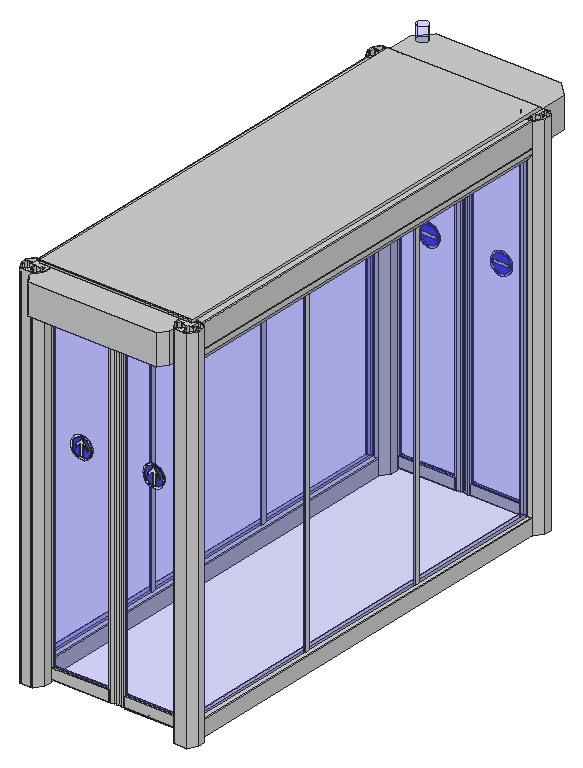
Revit family "agtatec_Record_ScrtTnnl_FlipFlowTwin_Standalone2", category Doors, Revit 2015 (continued)
Automatic sketch dimensions
  Sweep 1 sketch curve to profile plane = 0.00 mm
  profile plane to Sweep 1 sketch curve = 2.30 mm
  profile plane to Sweep 1 sketch curve = 19.90 mm
  profile plane to Sweep 1 sketch curve = 36.52 mm
  Sweep 1 sketch curve to Sweep 1 sketch curve = 0.946 mm
  Sweep 1 sketch curve to Sweep 1 sketch curve = 22.75 mm
  Sweep 1 sketch curve to plane 1 "Entry" = 17.45 mm  (x2)
  profile plane to Sweep 1 sketch curve = 43.296 mm
  Sweep 1 sketch curve to Sweep 1 sketch curve = 16.93 mm
  Sweep 1 sketch curve to Sweep 1 sketch curve = 10.70 mm  (x2)
  Sweep 1 sketch curve to Sweep 1 sketch curve = 26.254 mm
  Sweep 1 sketch curve to Sweep 1 sketch curve = 7.00 mm  (x2)
  Sweep 1 sketch curve to Sweep 1 sketch curve = 37.00 mm
  Sweep 1 sketch curve to Sweep 1 sketch curve = 5.00 mm  (x2)
  Sweep 1 sketch curve to Sweep 1 sketch curve = 8.50 mm
  Sweep 1 sketch curve to Sweep 1 sketch curve = 25.20 mm
  Sweep 1 sketch curve to Sweep 1 sketch curve = 17.95 mm
  Sweep 1 sketch curve to Sweep 1 sketch curve = 3.40 mm
  Sweep 1 sketch curve to Sweep 1 sketch curve = 19.05 mm
  Sweep 1 sketch curve to Sweep 1 sketch curve = 20.752 mm
  Sweep 1 sketch curve to Sweep 1 sketch curve = 16.185 mm
  Sweep 1 sketch curve to Sweep 1 sketch curve = 0.746 mm
  Sweep 1 sketch curve to Sweep 1 sketch curve = 3.182 mm
  Sweep 1 sketch curve to Sweep 1 sketch curve = 22.95 mm
  plane 1 "Entry" to Sweep 1 sketch curve = 21.326 mm
  Sweep 1 sketch curve to Sweep 1 sketch curve = 17.40 mm  (x2)
  plane 1 "Entry" to Sweep 1 sketch curve = 67.057 mm
  plane 1 "Entry" to Sweep 1 sketch curve = 20.298 mm
  Sweep 1 sketch curve to Sweep 1 sketch curve = 2.50 mm
  Sweep 1 sketch curve to Sweep 1 sketch curve = 6.71 mm
  Sweep 1 sketch curve to Sweep 1 sketch curve = 2.79 mm
  plane 1 "Entry" to Sweep 1 sketch curve = 2.55 mm
  plane 1 "Entry" to Sweep 1 sketch curve = 20.296 mm
  Sweep 1 sketch curve to Sweep 1 sketch curve = 36.45 mm
  Sweep 1 sketch curve to Sweep 1 sketch curve = 23.704 mm
  Sweep 1 sketch curve to Sweep 1 sketch curve = 9.50 mm
  Sweep 1 sketch curve to Sweep 1 sketch curve = 0.00 mm  (x2)
  Sweep 1 sketch curve to Sweep 1 sketch curve = 1.754 mm  (x2)
  Sweep 1 sketch curve to Sweep 1 sketch curve = 21.303 mm
  Sweep 1 sketch curve to Sweep 1 sketch curve = 1.746 mm  (x2)
  Sweep 1 sketch curve to Sweep 1 sketch curve = 36.56 mm
  Sweep 1 sketch curve to Sweep 1 sketch curve = 13.70 mm  (x2)
  Sweep 1 sketch curve to Sweep 1 sketch curve = 10.00 mm  (x2)
  Sweep 1 sketch curve to Sweep 1 sketch curve = 8.103 mm  (x2)
  Sweep 1 sketch curve to Sweep 1 sketch curve = 6.897 mm
  Sweep 2 sketch curve to plane 4 "Top" = 0.00 mm
  plane 7 to Sweep 2 sketch curve = 0.00 mm
  Sweep 2 sketch curve to level = 0.00 mm
  Sweep 2 sketch curve to profile plane = 0.00 mm
  profile plane to Sweep 2 sketch curve = 2.30 mm
  profile plane to Sweep 2 sketch curve = 19.90 mm
  profile plane to Sweep 2 sketch curve = 36.52 mm
  Sweep 2 sketch curve to Sweep 2 sketch curve = 0.946 mm
  Sweep 2 sketch curve to Sweep 2 sketch curve = 22.75 mm
  Sweep 2 sketch curve to Sweep 2 sketch curve = 0.646 mm
  Sweep 2 sketch curve to Sweep 2 sketch curve = 16.93 mm
  Sweep 2 sketch curve to Sweep 2 sketch curve = 10.70 mm  (x2)
  Sweep 2 sketch curve to Sweep 2 sketch curve = 5.40 mm
  Sweep 2 sketch curve to Sweep 2 sketch curve = 7.00 mm  (x2)
  Sweep 2 sketch curve to Sweep 2 sketch curve = 37.00 mm
  Sweep 2 sketch curve to Sweep 2 sketch curve = 5.00 mm  (x5)
  Sweep 2 sketch curve to Sweep 2 sketch curve = 8.50 mm
  Sweep 2 sketch curve to Sweep 2 sketch curve = 1.60 mm
  Sweep 2 sketch curve to Sweep 2 sketch curve = 3.40 mm
  Sweep 2 sketch curve to Sweep 2 sketch curve = 19.05 mm
  Sweep 2 sketch curve to Sweep 2 sketch curve = 20.752 mm
  Sweep 2 sketch curve to Sweep 2 sketch curve = 16.185 mm
  Sweep 2 sketch curve to Sweep 2 sketch curve = 0.746 mm
  Sweep 2 sketch curve to plane 8 "Center" = 10.74 mm
  Sweep 2 sketch curve to Sweep 2 sketch curve = 3.182 mm
  Sweep 2 sketch curve to Sweep 2 sketch curve = 22.95 mm
  Sweep 2 sketch curve to Sweep 2 sketch curve = 17.40 mm  (x2)
  plane 8 "Center" to Sweep 2 sketch curve = 21.326 mm
  plane 8 "Center" to Sweep 2 sketch curve = 20.298 mm
  Sweep 2 sketch curve to Sweep 2 sketch curve = 2.50 mm
  Sweep 2 sketch curve to Sweep 2 sketch curve = 6.71 mm
  Sweep 2 sketch curve to Sweep 2 sketch curve = 2.79 mm
  plane 8 "Center" to Sweep 2 sketch curve = 20.296 mm
  Sweep 2 sketch curve to Sweep 2 sketch curve = 17.674 mm
  Sweep 2 sketch curve to Sweep 2 sketch curve = 23.704 mm
  Sweep 2 sketch curve to Sweep 2 sketch curve = 9.50 mm
  Sweep 2 sketch curve to Sweep 2 sketch curve = 0.00 mm  (x2)
  Sweep 2 sketch curve to Sweep 2 sketch curve = 21.303 mm
  Sweep 2 sketch curve to Sweep 2 sketch curve = 26.303 mm
  Sweep 2 sketch curve to Sweep 2 sketch curve = 1.754 mm  (x2)
  Sweep 2 sketch curve to Sweep 2 sketch curve = 1.746 mm  (x2)
  Sweep 2 sketch curve to Sweep 2 sketch curve = 36.56 mm
  Sweep 2 sketch curve to Sweep 2 sketch curve = 13.70 mm  (x2)
  Sweep 2 sketch curve to Sweep 2 sketch curve = 8.103 mm  (x2)
  Sweep 2 sketch curve to Sweep 2 sketch curve = 15.00 mm
  Sweep 2 sketch curve to Sweep 2 sketch curve = 6.897 mm
  Sweep 3 sketch curve to plane 4 "Top" = 0.00 mm
  plane 6 to Sweep 3 sketch curve = 0.00 mm
  Sweep 3 sketch curve to level = 0.00 mm
  Sweep 3 sketch curve to profile plane = 0.00 mm
  Sweep 3 sketch curve to profile plane = 2.30 mm
  Sweep 3 sketch curve to Sweep 3 sketch curve = 17.60 mm
  Sweep 3 sketch curve to profile plane = 36.52 mm
  Sweep 3 sketch curve to Sweep 3 sketch curve = 0.946 mm
  Sweep 3 sketch curve to Sweep 3 sketch curve = 22.75 mm
  Sweep 3 sketch curve to plane 1 "Entry" = 17.45 mm
  Sweep 3 sketch curve to profile plane = 43.296 mm
  Sweep 3 sketch curve to Sweep 3 sketch curve = 16.93 mm
  Sweep 3 sketch curve to Sweep 3 sketch curve = 10.70 mm  (x2)
  plane 1 "Entry" to Sweep 3 sketch curve = 2.55 mm
  Sweep 3 sketch curve to Sweep 3 sketch curve = 26.254 mm
  Sweep 3 sketch curve to Sweep 3 sketch curve = 7.00 mm  (x2)
  Sweep 3 sketch curve to Sweep 3 sketch curve = 37.00 mm
  Sweep 3 sketch curve to Sweep 3 sketch curve = 5.00 mm  (x2)
  Sweep 3 sketch curve to Sweep 3 sketch curve = 8.50 mm
  Sweep 3 sketch curve to Sweep 3 sketch curve = 25.20 mm
  Sweep 3 sketch curve to Sweep 3 sketch curve = 17.95 mm
  Sweep 3 sketch curve to Sweep 3 sketch curve = 3.40 mm
  Sweep 3 sketch curve to Sweep 3 sketch curve = 19.05 mm
  Sweep 3 sketch curve to Sweep 3 sketch curve = 20.752 mm
  Sweep 3 sketch curve to Sweep 3 sketch curve = 16.185 mm
  Sweep 3 sketch curve to Sweep 3 sketch curve = 0.746 mm
  Sweep 3 sketch curve to plane 1 "Entry" = 10.74 mm
  Sweep 3 sketch curve to Sweep 3 sketch curve = 3.182 mm
  Sweep 3 sketch curve to Sweep 3 sketch curve = 22.95 mm
  Sweep 3 sketch curve to Sweep 3 sketch curve = 17.40 mm  (x2)
  plane 1 "Entry" to Sweep 3 sketch curve = 21.326 mm
  Sweep 3 sketch curve to Sweep 3 sketch curve = 2.50 mm
  Sweep 3 sketch curve to Sweep 3 sketch curve = 6.71 mm
  Sweep 3 sketch curve to Sweep 3 sketch curve = 2.79 mm
  plane 1 "Entry" to Sweep 3 sketch curve = 20.296 mm
  Sweep 3 sketch curve to Sweep 3 sketch curve = 1.028 mm
  Sweep 3 sketch curve to Sweep 3 sketch curve = 36.45 mm
  Sweep 3 sketch curve to Sweep 3 sketch curve = 23.704 mm
  Sweep 3 sketch curve to Sweep 3 sketch curve = 9.50 mm
  Sweep 3 sketch curve to Sweep 3 sketch curve = 0.00 mm  (x2)
  Sweep 3 sketch curve to Sweep 3 sketch curve = 21.303 mm  (x2)
  Sweep 3 sketch curve to Sweep 3 sketch curve = 1.754 mm  (x2)
  Sweep 3 sketch curve to Sweep 3 sketch curve = 1.746 mm  (x2)
  Sweep 3 sketch curve to Sweep 3 sketch curve = 36.56 mm
  Sweep 3 sketch curve to Sweep 3 sketch curve = 13.70 mm  (x2)
  Sweep 3 sketch curve to Sweep 3 sketch curve = 10.00 mm  (x2)
  Sweep 3 sketch curve to Sweep 3 sketch curve = 8.103 mm  (x2)
  Sweep 3 sketch curve to Sweep 3 sketch curve = 6.897 mm
  Sweep 4 sketch curve to plane 4 "Top" = 0.00 mm
  plane 6 to Sweep 4 sketch curve = 0.00 mm
  Sweep 4 sketch curve to level = 0.00 mm
  Extrusion 5 sketch curve to plane 11 = 0.00 mm  (x2)
  Extrusion 5 sketch curve to plane 12 = 0.00 mm  (x2)
  Extrusion 6 sketch curve to plane 13 = 0.00 mm  (x2)
  Extrusion 6 sketch curve to plane 14 = 0.00 mm  (x2)
  plane 19 to Sweep 7 sketch curve = 15.00 mm
  profile plane to Sweep 7 sketch curve = 88.45 mm
  Sweep 7 sketch curve to Sweep 7 sketch curve = 2.00 mm  (x3)
  plane 19 to Sweep 7 sketch curve = 1.00 mm
  Sweep 7 sketch curve to Sweep 7 sketch curve = 8.60 mm  (x2)
  Sweep 7 sketch curve to plane 19 = 1.00 mm
  Sweep 7 sketch curve to Sweep 7 sketch curve = 14.00 mm
  Sweep 7 sketch curve to Sweep 7 sketch curve = 0.00 mm  (x2)
  plane 18 to Sweep 8 sketch curve = 15.00 mm
  profile plane to Sweep 8 sketch curve = 88.45 mm
  Sweep 8 sketch curve to Sweep 8 sketch curve = 2.00 mm  (x3)
  plane 18 to Sweep 8 sketch curve = 1.00 mm
  Sweep 8 sketch curve to Sweep 8 sketch curve = 8.60 mm  (x2)
  Sweep 8 sketch curve to plane 18 = 1.00 mm
  Sweep 8 sketch curve to Sweep 8 sketch curve = 14.00 mm
  Sweep 8 sketch curve to Sweep 8 sketch curve = 0.00 mm  (x2)
  level to Sweep 11 sketch curve = 0.90 mm
  profile plane to Sweep 11 sketch curve = 124.65 mm
  Sweep 11 sketch curve to Sweep 11 sketch curve = 5.00 mm  (x2)
  Sweep 11 sketch curve to Sweep 11 sketch curve = 28.00 mm  (x2)
  Sweep 11 sketch curve to Sweep 11 sketch curve = 19.00 mm
  level to Sweep 11 sketch curve = 70.90 mm
  Sweep 11 sketch curve to Sweep 11 sketch curve = 35.00 mm  (x2)
  Sweep 12 sketch curve to plane 6 = 0.00 mm
  plane 24 to Sweep 12 sketch curve = 0.00 mm
  plane 25 to Sweep 12 sketch curve = 0.00 mm
  level to Sweep 12 sketch curve = 0.90 mm
  Sweep 12 sketch curve to profile plane = 39.65 mm
  Sweep 12 sketch curve to Sweep 12 sketch curve = 5.00 mm  (x2)
  Sweep 12 sketch curve to Sweep 12 sketch curve = 28.00 mm  (x2)
  Sweep 12 sketch curve to Sweep 12 sketch curve = 19.00 mm
  level to Sweep 12 sketch curve = 70.90 mm
  Sweep 12 sketch curve to Sweep 12 sketch curve = 35.00 mm  (x2)
  Sweep 13 sketch curve to plane 7 = 0.00 mm
  plane 25 to Sweep 13 sketch curve = 0.00 mm
  plane 24 to Sweep 13 sketch curve = 0.00 mm
  Sweep 13 sketch curve to Sweep 13 sketch curve = 0.00 mm  (x6)
  profile plane to Sweep 13 sketch curve = 121.15 mm
  Sweep 13 sketch curve to Sweep 13 sketch curve = 2.00 mm
  Sweep 13 sketch curve to Sweep 13 sketch curve = 3.00 mm  (x3)
  Sweep 13 sketch curve to Sweep 13 sketch curve = 3.50 mm
  Sweep 13 sketch curve to plane 5 "PH" = 28.70 mm
  Sweep 13 sketch curve to Sweep 13 sketch curve = 17.32 mm  (x2)
  Sweep 13 sketch curve to Sweep 13 sketch curve = 11.68 mm  (x2)
  Sweep 13 sketch curve to Sweep 13 sketch curve = 14.00 mm
  Sweep 13 sketch curve to Sweep 13 sketch curve = 45.00 mm
  profile plane to Sweep 13 sketch curve = 46.15 mm
  plane 5 "PH" to Sweep 13 sketch curve = 1.30 mm  (x2)
  Sweep 13 sketch curve to Sweep 13 sketch curve = 4.40 mm  (x3)
  Sweep 13 sketch curve to Sweep 13 sketch curve = 9.60 mm
  Sweep 13 sketch curve to Sweep 13 sketch curve = 33.80 mm
  Sweep 13 sketch curve to Sweep 13 sketch curve = 1.00 mm
  Sweep 13 sketch curve to Sweep 13 sketch curve = 63.75 mm
  Sweep 13 sketch curve to Sweep 13 sketch curve = 37.00 mm
  Sweep 13 sketch curve to Sweep 13 sketch curve = 64.25 mm
  Sweep 14 sketch curve to plane 6 = 0.00 mm
  plane 25 to Sweep 14 sketch curve = 0.00 mm
  plane 24 to Sweep 14 sketch curve = 0.00 mm
  Sweep 14 sketch curve to Sweep 14 sketch curve = 0.00 mm  (x4)
  Sweep 14 sketch curve to profile plane = 43.15 mm
  Sweep 14 sketch curve to profile plane = 46.15 mm
  Sweep 14 sketch curve to plane 5 "PH" = 28.70 mm  (x2)
  Sweep 14 sketch curve to Sweep 14 sketch curve = 17.32 mm
  Sweep 14 sketch curve to profile plane = 71.15 mm
  Sweep 14 sketch curve to Sweep 14 sketch curve = 11.68 mm  (x2)
  Sweep 14 sketch curve to Sweep 14 sketch curve = 3.00 mm  (x3)
  Sweep 14 sketch curve to Sweep 14 sketch curve = 14.00 mm
  plane 5 "PH" to Sweep 14 sketch curve = 41.60 mm
  Sweep 14 sketch curve to Sweep 14 sketch curve = 26.50 mm
  Sweep 14 sketch curve to Sweep 14 sketch curve = 45.00 mm
  Sweep 14 sketch curve to Sweep 14 sketch curve = 3.50 mm
  Sweep 14 sketch curve to Sweep 14 sketch curve = 5.50 mm
  Sweep 14 sketch curve to Sweep 14 sketch curve = 2.00 mm
  Sweep 14 sketch curve to Sweep 14 sketch curve = 4.40 mm  (x2)
  Sweep 14 sketch curve to Sweep 14 sketch curve = 9.60 mm
  plane 5 "PH" to Sweep 14 sketch curve = 1.30 mm  (x2)
  Sweep 14 sketch curve to Sweep 14 sketch curve = 1.00 mm
  Sweep 14 sketch curve to Sweep 14 sketch curve = 63.75 mm
  Sweep 14 sketch curve to Sweep 14 sketch curve = 37.00 mm
  Sweep 14 sketch curve to Sweep 14 sketch curve = 64.25 mm
  Extrusion 16 sketch curve to plane 7 = 0.00 mm
  Extrusion 16 sketch curve to plane 6 = 0.00 mm
  Extrusion 16 sketch curve to plane 9 = 20.196 mm
  Extrusion 16 sketch curve to plane 11 = 3.20 mm
  Extrusion 16 sketch curve to plane 9 = 14.65 mm
  plane 7 to Extrusion 16 sketch curve = 1.892 mm
  plane 7 to Extrusion 16 sketch curve = 17.921 mm
  Extrusion 16 sketch curve to plane 6 = 17.921 mm
  Extrusion 16 sketch curve to plane 6 = 1.892 mm
  Extrusion 16 sketch curve to plane 10 = 14.65 mm
  Extrusion 16 sketch curve to plane 10 = 20.196 mm
  Extrusion 16 sketch curve to plane 13 = 3.20 mm
  Extrusion 16 sketch curve to Extrusion 16 sketch curve = 181.539 mm  (x2)
  Extrusion 16 sketch curve to Extrusion 16 sketch curve = 99.171 mm
  Extrusion 16 sketch curve to Extrusion 16 sketch curve = 48.507 mm  (x2)
  Extrusion 16 sketch curve to Extrusion 16 sketch curve = 60.413 mm  (x2)
  Extrusion 16 sketch curve to Extrusion 16 sketch curve = 32.344 mm  (x2)
  Extrusion 16 sketch curve to Extrusion 16 sketch curve = 63.44 mm
  Extrusion 17 sketch curve to plane 11 = 3.20 mm
  Extrusion 17 sketch curve to plane 11 = 1.20 mm
  plane 7 to Extrusion 17 sketch curve = 17.921 mm
  Extrusion 17 sketch curve to Extrusion 17 sketch curve = 0.828 mm  (x4)
  Extrusion 17 sketch curve to plane 6 = 18.75 mm
  Extrusion 17 sketch curve to plane 13 = 1.20 mm
  Extrusion 17 sketch curve to Extrusion 17 sketch curve = 2.00 mm  (x2)
  Extrusion 17 sketch curve to Extrusion 17 sketch curve = 97.171 mm  (x2)
  Extrusion 18 sketch curve to plane 9 = 14.65 mm
  Extrusion 18 sketch curve to Extrusion 18 sketch curve = 2.00 mm  (x3)
  plane 7 to Extrusion 18 sketch curve = 1.892 mm
  Extrusion 18 sketch curve to Extrusion 18 sketch curve = 1.109 mm
  Extrusion 18 sketch curve to plane 6 = 3.00 mm
  Extrusion 18 sketch curve to plane 6 = 1.892 mm
  Extrusion 18 sketch curve to plane 10 = 12.65 mm
  plane 1 "Entry" to Extrusion 18 sketch curve = 128.76 mm  (x2)
  Extrusion 18 sketch curve to Extrusion 18 sketch curve = 32.226 mm
  Extrusion 18 sketch curve to Extrusion 18 sketch curve = 32.227 mm
  Extrusion 18 sketch curve to Extrusion 18 sketch curve = 0.573 mm  (x2)
  Extrusion 18 sketch curve to Extrusion 18 sketch curve = 62.014 mm
  Extrusion 19 sketch curve to plane 7 = 0.00 mm
  Extrusion 19 sketch curve to plane 6 = 0.00 mm
  plane 24 to Extrusion 19 sketch curve = 0.00 mm
  Extrusion 19 sketch curve to plane 9 = 14.65 mm
  plane 7 to Extrusion 19 sketch curve = 1.892 mm
  Extrusion 19 sketch curve to plane 6 = 1.892 mm
  Extrusion 19 sketch curve to plane 10 = 14.65 mm
  plane 1 "Entry" to Extrusion 19 sketch curve = 68.803 mm  (x2)
  Extrusion 19 sketch curve to Extrusion 19 sketch curve = 60.413 mm  (x2)
  Extrusion 19 sketch curve to Extrusion 19 sketch curve = 32.344 mm  (x2)
  Extrusion 19 sketch curve to Extrusion 19 sketch curve = 63.44 mm
  Extrusion 20 sketch curve to plane 7 = 0.00 mm
  Extrusion 20 sketch curve to plane 6 = 0.00 mm
  Extrusion 20 sketch curve to plane 9 = 14.365 mm
  Extrusion 20 sketch curve to plane 9 = 20.196 mm
  Extrusion 20 sketch curve to plane 11 = 3.20 mm
  plane 7 to Extrusion 20 sketch curve = 17.921 mm
  Extrusion 20 sketch curve to plane 6 = 17.921 mm
  Extrusion 20 sketch curve to plane 10 = 14.365 mm
  Extrusion 20 sketch curve to plane 10 = 20.196 mm
  Extrusion 20 sketch curve to plane 13 = 3.20 mm
  Extrusion 20 sketch curve to Extrusion 20 sketch curve = 181.539 mm  (x2)
  Extrusion 20 sketch curve to Extrusion 20 sketch curve = 99.171 mm  (x2)
  curve 211 to curve 64 = 13.90 mm
  curve 211 to curve 62 = 6.90 mm
  curve 209 to curve 211 = 0.00 mm
  curve 209 to curve 184 = 5.40 mm
  curve 137 to curve 179 = 3.13 mm
  curve 180 to curve 112 = 3.13 mm
  curve 70 to curve 182 = 5.284 mm
  curve 175 to curve 181 = 26.254 mm
  curve 233 to curve 200 = 3.00 mm
  curve 6 to curve 16 = 0.00 mm
  curve 12 to curve 31 = 5.00 mm
  curve 75 to curve 88 = 8.103 mm
  curve 92 to curve 249 = 3.13 mm
  curve 178 to curve 210 = 42.954 mm
  curve 177 to curve 35 = 5.284 mm
  curve 250 to curve 75 = 3.13 mm
  Sweep 2 sketch curve to Sweep 2 sketch curve = 45.284 mm
  Extrusion 16 sketch curve to Extrusion 16 sketch curve = 37.746 mm  (x2)
  Extrusion 17 sketch curve to plane 26 = 280.711 mm
  Extrusion 17 sketch curve to Extrusion 17 sketch curve = 180.711 mm  (x2)
  Extrusion 20 sketch curve to plane 26 = 280.711 mm
  Extrusion 20 sketch curve to Extrusion 20 sketch curve = 37.746 mm  (x2)
  Extrusion 20 sketch curve to Extrusion 20 sketch curve = 48.507 mm  (x2)
  Extrusion 20 sketch curve to Extrusion 20 sketch curve = 59.957 mm
  plane 26 to Extrusion 16 sketch curve = 0.00 mm
  plane 1 "Entry" to curve 210 = 0.00 mm
  plane 1 "Entry" to curve 211 = 0.00 mm
  plane 26 to curve 210 = 0.00 mm
  plane 26 to curve 211 = 0.00 mm
  Sweep 4 sketch curve to profile plane = 0.00 mm
  Sweep 4 sketch curve to profile plane = 2.30 mm
  Sweep 4 sketch curve to Sweep 4 sketch curve = 17.60 mm
  Sweep 4 sketch curve to profile plane = 36.52 mm
  Sweep 4 sketch curve to Sweep 4 sketch curve = 0.946 mm
  Sweep 4 sketch curve to Sweep 4 sketch curve = 22.75 mm
  Sweep 4 sketch curve to plane 8 "Center" = 17.45 mm
  Sweep 4 sketch curve to Sweep 4 sketch curve = 0.646 mm
  Sweep 4 sketch curve to Sweep 4 sketch curve = 16.93 mm
  Sweep 4 sketch curve to Sweep 4 sketch curve = 10.70 mm  (x2)
  Sweep 4 sketch curve to Sweep 4 sketch curve = 5.40 mm
  Sweep 4 sketch curve to Sweep 4 sketch curve = 1.60 mm  (x2)
  Sweep 4 sketch curve to Sweep 4 sketch curve = 8.50 mm  (x2)
  Sweep 4 sketch curve to Sweep 4 sketch curve = 5.00 mm  (x5)
  Sweep 4 sketch curve to Sweep 4 sketch curve = 7.00 mm
  Sweep 4 sketch curve to plane 8 "Center" = 7.95 mm
  Sweep 4 sketch curve to Sweep 4 sketch curve = 59.304 mm
  Sweep 4 sketch curve to Sweep 4 sketch curve = 3.40 mm
  Sweep 4 sketch curve to Sweep 4 sketch curve = 19.05 mm
  Sweep 4 sketch curve to Sweep 4 sketch curve = 20.752 mm
  Sweep 4 sketch curve to Sweep 4 sketch curve = 16.185 mm
  Sweep 4 sketch curve to Sweep 4 sketch curve = 0.746 mm
  Sweep 4 sketch curve to plane 8 "Center" = 10.74 mm
  Sweep 4 sketch curve to Sweep 4 sketch curve = 3.182 mm
  Sweep 4 sketch curve to Sweep 4 sketch curve = 22.95 mm
  Sweep 4 sketch curve to Sweep 4 sketch curve = 17.40 mm  (x2)
  plane 8 "Center" to Sweep 4 sketch curve = 21.326 mm
  Sweep 4 sketch curve to Sweep 4 sketch curve = 2.50 mm
  plane 8 "Center" to Sweep 4 sketch curve = 20.296 mm
  Sweep 4 sketch curve to Sweep 4 sketch curve = 1.028 mm
  Sweep 4 sketch curve to Sweep 4 sketch curve = 17.674 mm
  Sweep 4 sketch curve to Sweep 4 sketch curve = 23.704 mm
  Sweep 4 sketch curve to Sweep 4 sketch curve = 9.50 mm  (x2)
  Sweep 4 sketch curve to Sweep 4 sketch curve = 21.303 mm  (x2)
  Sweep 4 sketch curve to Sweep 4 sketch curve = 1.754 mm  (x2)
  Sweep 4 sketch curve to Sweep 4 sketch curve = 1.746 mm  (x2)
  Sweep 4 sketch curve to Sweep 4 sketch curve = 36.56 mm
  Sweep 4 sketch curve to Sweep 4 sketch curve = 0.00 mm
  Sweep 4 sketch curve to Sweep 4 sketch curve = 13.70 mm  (x2)
  Sweep 4 sketch curve to Sweep 4 sketch curve = 8.103 mm  (x2)
  Sweep 4 sketch curve to Sweep 4 sketch curve = 15.00 mm
  Sweep 4 sketch curve to Sweep 4 sketch curve = 6.897 mm
  plane 4 "Top" to Extrusion 15 sketch curve = 0.00 mm
  Extrusion 15 sketch curve to Extrusion 15 sketch curve = 4.00 mm
  plane 8 "Center" to Extrusion 15 sketch curve = 4.00 mm
  plane 4 "Top" to Extrusion 15 sketch curve = 11.50 mm
  plane 1 "Entry" to Extrusion 21 sketch curve = 155.03 mm
  Extrusion 21 sketch curve to Extrusion 21 sketch curve = 13.25 mm
  radius of Extrusion 23 sketch curve = 38.00 mm
Nested families
  nested 1: "Panel" at (-473.1, 0, 0), type "Left Entry"
    with PassageHeight 2365.00 mm, PanelWidth 473.10 mm, OpeningRotationAngle 0.00°
  nested 2: "Panel" at (473.1, 0, 0) x (-1, 0, 0) z (0, 0, 1), type "Right Entry"
    with RightPanel yes, PassageHeight 2365.00 mm, PanelWidth 473.10 mm, OpeningRotationAngle 0.00°, LeftPanel no
  nested 3: "Panel" at (-473.1, 2999.92, 0), type "Left Exit"
    with PassageHeight 2365.00 mm, PanelWidth 473.10 mm, OpeningRotationAngle 0.00°, Exit yes, Entry no
  nested 4: "Panel" at (473.1, 2999.92, 0) x (-1, 0, 0) z (0, 0, 1), type "Right Exit"
    with RightPanel yes, PassageHeight 2365.00 mm, PanelWidth 473.10 mm, OpeningRotationAngle 0.00°, LeftPanel no, Exit yes, Entry no
  nested 5: "Extended" at (0, 2999.92, 0), visible <- "Extended", type "Extended"
    with PassageWidth 900.00 mm, PanelWidth 442.75 mm
Definition of nested family "Panel"
  Parameters
    Width = 0.00 mm
    URL = ""
    Type Comments = ""
    Thickness = 0.00 mm
    Rubber = none
    Rough Width = 0.00 mm
    Rough Height = 0.00 mm
    RightPanel = no
    PassageHeight = 2150.00 mm
    PanelWidth = 449.75 mm
    PanelGlass = none
    Operation = "Automatic"
    OpeningRotationAngle = 45.00°
    Model = ""
    Manufacturer = ""
    LeftPanel = not(RightPanel)  # yes
    Keynote = ""
    Height = 0.00 mm
    Function = (empty or 0)
    Frames = none
    Exit = no
    Entry = yes
    Description = ""
    Default Elevation = 1219.20 mm
    Cost = 0
    Construction Type = ""
    Assembly Code = ""
  Reference planes
    plane 1 "Center (Front/Back)": y = 0
    plane 2: z = 0
    plane 3 "Center (Left/Right)": x = 0
    plane 4 "Top": z = 2150
    plane 5: z = 2143
    plane 6: z = 20
    plane 7 "Exit": y = 8
    plane 8: z = 2114
    plane 9: z = 49
  Forms (mm)
    Sweep 1, solid, material <- "Frames"
      path origin (0, 0, 0) x (0.707107, 0.707107, 0) y (0, 0, 1)
        loop
          line (0, 2150) -> (0, 0)
      profile origin (0, 0, 1075) x (0.707107, -0.707107, 0) y (0.707107, 0.707107, 0)
        loop
          arc (-15, 13.229) -> (0, -20) -> (15, 13.229) r 20
          line (15, 13.229) -> (15, 23) -> (2, 23) -> (2, 11.4) -> (-12, 11.4) -> (-12, 23) -> (-15, 23) -> (-15, 13.229)
    Sweep 2, solid, material <- "Frames", visible <- "LeftPanel"
      path origin (0, 0, 0) x (0.707107, 0.707107, 0) y (0, 0, 1)
        loop
          line (449.75, 2143) -> (449.75, 20)
      profile origin (318.021, 318.021, 1081.5) x (0.707107, -0.707107, 0) y (0.707107, 0.707107, 0)
        loop
          line (-12, -39.05) -> (1.998, -39.05) -> (1.998, -50.643) -> (14.998, -50.643) -> (14.998, -35.65) -> (11.459, -13.245) -> (4, -7.655) -> (4, 7.349) -> (-4.002, 7.349) -> (-4.002, -7.655) -> (-11.461, -13.245) -> (-15.001, -35.65) -> (-15.001, -50.643) -> (-12, -50.643) -> (-12, -39.05)
    Sweep 3, solid, material <- "Frames"
      path origin (0, 0, 0) x (0.707107, 0.707107, 0) y (-0.707107, 0.707107, 0)
        loop
          line (399.107, 0) -> (23, 0)
      profile origin (149.237, 149.237, 0) x (0.707107, -0.707107, 0) y (0, 0, 1)
        loop
          line (-15, 90) -> (-15, 20) -> (-12, 20) -> (-12, 33) -> (12, 33) -> (12, 20) -> (15, 20) -> (15, 90) -> (2, 90) -> (2, 45.4) -> (-12, 45.4) -> (-12, 90) -> (-15, 90)
    Sweep 4, solid, material <- "Rubber"
      path origin (0, 0, 0) x (0.707107, 0.707107, 0) y (-0.707107, 0.707107, 0)
        loop
          line (399.107, 0) -> (33.008, 0)
      profile origin (152.776, 152.776, 0) x (0.707107, -0.707107, 0) y (0, 0, 1)
        loop
          line (-12, 20) -> (-1.235, 20) -> (-0.472, 7) -> (0.472, 7) -> (1.235, 20) -> (12, 20) -> (12, 30.5) -> (0, 30.5) -> (-12, 30.5) -> (-12, 20)
    Sweep 5, solid, material <- "Frames"
      path origin (0, 0, 2150) x (0.707107, -0.707107, 0) y (0.707107, 0.707107, 0)
        loop
          line (0, 399.107) -> (0, 23)
      profile origin (149.237, 149.237, 2150) x (0.707107, -0.707107, 0) y (0, 0, 1)
        loop
          line (-15, -77) -> (-12, -77) -> (-12, -32.4) -> (2, -32.4) -> (2, -77) -> (15, -77) -> (15, -7) -> (12, -7) -> (12, -20) -> (-12, -20) -> (-12, -7) -> (-15, -7) -> (-15, -77)
    Extrusion 6, solid, material <- "PanelGlass"
      sketch origin (0, 0, 0) x (0.707107, 0.707107, 0) y (-0.707107, 0.707107, 0)
        loop
          line (407.1, 0) -> (407.1, 8) -> (15, 8) -> (15, 0) -> (407.1, 0)
      from 49 to 2114
    Sweep 7, solid, visible <- "Entry"
      path origin (0, 0, 0) x (0.707107, 0.707107, 0) y (-0.707107, 0.707107, 0)
        loop
          line (211.053, 0) -> (211.053, -1.002)
      profile origin (149.592, 148.883, 0) x (0.707107, 0.707107, 0) y (0, 0, 1)
        loop
          circle (0, 1520) r 75
        loop
          circle (0, 1520) r 65
        loop
          line (10, 1465) -> (10, 1543.636) -> (40, 1507.883) -> (40, 1527.33) -> (0, 1575) -> (-40, 1527.33) -> (-40, 1507.883) -> (-10, 1543.636) -> (-10, 1465) -> (10, 1465)
    Sweep 8, solid, visible <- "Exit"
      path origin (0, 0, 0) x (0.707107, 0.707107, 0) y (-0.707107, 0.707107, 0)
        loop
          line (211.053, 9) -> (211.053, 8)
      profile origin (143.227, 155.248, 0) x (0.707107, 0.707107, 0) y (0, 0, 1)
        loop
          circle (0, 1520) r 75
        loop
          circle (0, 1520) r 65
        loop
          line (55, 1530) -> (-55, 1530) -> (-55, 1510) -> (55, 1510) -> (55, 1530)
    Sweep 9, solid, visible <- "Entry"
      path origin (0, 0, 0) x (0.707107, 0.707107, 0) y (-0.707107, 0.707107, 0)
        loop
          line (211.053, 0) -> (211.053, -1.002)
      profile origin (149.592, 148.883, 0) x (0.707107, 0.707107, 0) y (0, 0, 1)
        loop
          circle (0, 1520) r 65
        loop
          line (10, 1465) -> (10, 1543.636) -> (40, 1507.883) -> (40, 1527.33) -> (0, 1575) -> (-40, 1527.33) -> (-40, 1507.883) -> (-10, 1543.636) -> (-10, 1465) -> (10, 1465)
    Sweep 10, solid, visible <- "Exit"
      path origin (0, 0, 0) x (0.707107, 0.707107, 0) y (-0.707107, 0.707107, 0)
        loop
          line (211.053, 9) -> (211.053, 8)
      profile origin (143.227, 155.248, 0) x (0.707107, 0.707107, 0) y (0, 0, 1)
        loop
          circle (0, 1520) r 65
        loop
          line (55, 1530) -> (-55, 1530) -> (-55, 1510) -> (55, 1510) -> (55, 1530)
    Sweep 11, solid, material <- "Frames", visible <- "RightPanel"
      path origin (0, 0, 0) x (0.707107, 0.707107, 0) y (0, 0, 1)
        loop
          line (449.75, 2143) -> (449.75, 20)
      profile origin (318.021, 318.021, 1081.5) x (0.707107, -0.707107, 0) y (0.707107, 0.707107, 0)
        loop
          line (-12.001, -39.05) -> (1.998, -39.05) -> (1.998, -50.643) -> (14.998, -50.643) -> (14.998, -35.65) -> (11.997, -16.65) -> (11.997, -2.65)
          arc (11.997, -2.65) -> (9.768, 2.472) -> (4.5, 4.332) r 7
          line (4.5, 4.332) -> (4.5, -14.15) -> (-4.5, -14.15) -> (-4.5, 4.332)
          arc (-4.5, 4.332) -> (-9.769, 2.473) -> (-11.999, -2.65) r 7
          line (-11.999, -2.65) -> (-11.999, -16.65) -> (-15.001, -35.65) -> (-15.001, -50.643) -> (-12.001, -50.643) -> (-12.001, -39.05)
  Lines and regions (mm)
    Masking region 1
      outline origin (0, 0, 0) x (0.707107, 0.707107, 0) y (-0.707107, 0.707107, 0)
        loop
          arc (13.229, 15) -> (-20, 0) -> (13.229, -15) r 20
          line (13.229, -15) -> (23, -15) -> (23, 15) -> (13.229, 15)
    Masking region 2
      outline origin (0, 0, 0) x (0.707107, 0.707107, 0) y (-0.707107, 0.707107, 0)
        loop
          line (23, -15) -> (399.107, -15) -> (399.107, 15) -> (23, 15) -> (23, -15)
    Masking region 3, visible <- "LeftPanel", detail levels fine
      outline origin (0, 0, 0) x (0.707107, 0.707107, 0) y (-0.707107, 0.707107, 0)
        loop
          line (399.107, -14.998) -> (414.1, -14.998) -> (436.505, -11.459) -> (442.095, -4) -> (457.099, -4) -> (457.099, 4.002) -> (442.095, 4.002) -> (436.505, 11.461) -> (414.1, 15.001) -> (399.107, 15.001) -> (399.107, -14.998)
    Masking region 4, visible <- "RightPanel", detail levels fine
      outline origin (0, 0, 0) x (0.707107, 0.707107, 0) y (-0.707107, 0.707107, 0)
        loop
          line (414.1, -14.998) -> (433.1, -11.997) -> (447.1, -11.997)
          arc (447.1, -11.997) -> (452.222, -9.768) -> (454.082, -4.5) r 7
          line (454.082, -4.5) -> (435.6, -4.5) -> (435.6, 4.5) -> (454.082, 4.5)
          arc (454.082, 4.5) -> (452.223, 9.769) -> (447.1, 11.999) r 7
          line (447.1, 11.999) -> (433.1, 11.999) -> (414.1, 15.001) -> (399.107, 15.001) -> (399.107, -14.998) -> (414.1, -14.998)
    Masking region 5, detail levels medium
      outline origin (0, 0, 0) x (0.707107, 0.707107, 0) y (-0.707107, 0.707107, 0)
        loop
          line (449.75, -11.997) -> (449.75, 11.999) -> (433.1, 11.999) -> (414.1, 15.001) -> (399.107, 15.001) -> (399.107, -14.998) -> (414.1, -14.998) -> (433.1, -11.997) -> (449.75, -11.997)
    Masking region 6, detail levels coarse
      outline origin (0, 0, 0) x (0.707107, 0.707107, 0) y (-0.707107, 0.707107, 0)
        loop
          line (399.107, -14.998) -> (449.75, -14.998) -> (449.75, 15.001) -> (399.107, 15.001) -> (399.107, -14.998)
    reference lines
      curve 1: line (0, 0, 0) -> (353.553, 353.553, 0)
      curve 2: line (-5.657, 5.657, 0) -> (347.897, 359.21, 0)
      curve 3: line (318.021, 318.021, 0) -> (318.021, 318.021, 27.063)
      curve 4: line (291.399, 291.399, 0) -> (291.399, 291.399, 37.698)
      curve 5: line (287.863, 287.863, 0) -> (287.863, 287.863, 37.698)
      curve 6: line (282.211, 282.211, 0) -> (282.211, 282.211, 37.698)
      curve 7: line (149.237, 149.237, 0) -> (149.237, 149.237, 40)
      curve 8: line (21.567, 21.567, 0) -> (21.567, 21.567, 40)
      curve 9: line (16.263, 16.263, 0) -> (16.263, 16.263, 40)
      curve 10: line (10.607, 10.607, 0) -> (10.607, 10.607, 40)
      curve 11: line (0, 0, 0) -> (0, 0, 40)
      curve 12: line (291.399, 291.399, 0) -> (285.742, 297.056, 0)
      curve 13: line (287.863, 287.863, 0) -> (282.206, 293.52, 0)
      curve 14: line (282.211, 282.211, 0) -> (276.554, 287.868, 0)
      curve 15: line (149.237, 149.237, 0) -> (143.58, 154.894, 0)
      curve 16: line (21.567, 21.567, 0) -> (15.91, 27.224, 0)
      curve 17: line (16.263, 16.263, 0) -> (10.607, 21.92, 0)
      curve 18: line (10.607, 10.607, 0) -> (4.95, 16.263, 0)
      curve 19: line (0, 0, 2150) -> (353.553, 353.553, 2150)
      curve 20: line (318.021, 318.021, 0) -> (312.364, 323.678, 0)
    symbolic lines, detail levels medium+fine
      curve 21: line (291.822, 288.996, 0) -> (283.624, 280.798, 0)
      curve 22: line (281.923, 298.894, 0) -> (291.822, 288.996, 0)
      curve 23: line (273.725, 290.697, 0) -> (281.923, 298.894, 0)
      curve 24: line (7.778, 24.749, 0) -> (273.726, 290.696, 0)
      curve 25: line (283.625, 280.797, 0) -> (17.678, 14.849, 0)
      curve 26: line (17.678, 14.849, 0) -> (9.475, 6.647, 0)
      curve 27: line (9.475, 6.647, 0) -> (-0.424, 16.546, 0)
      curve 28: line (-0.424, 16.546, 0) -> (7.778, 24.749, 0)
      curve 33: line (283.624, 280.798, 0) -> (292.816, 271.606, 0)
      curve 34: line (271.604, 292.818, 0) -> (273.725, 290.697, 0)
      curve 35: line (26.87, 5.657, 0) -> (17.678, 14.849, 0)
      curve 36: line (7.778, 24.749, 0) -> (5.657, 26.87, 0)
    symbolic lines, detail levels fine
      curve 29: line (4.95, 16.263, 0) -> (10.607, 10.607, 0)
      curve 30: line (10.607, 10.607, 0) -> (287.863, 287.863, 0)
      curve 31: line (282.206, 293.52, 0) -> (4.95, 16.263, 0)
      curve 32: line (287.863, 287.863, 0) -> (282.206, 293.52, 0)
  Dimensions and locks
    "PassageHeight": plane 4 "Top" to plane 2
    locked: plane 4 "Top" to plane 5 at 7
    locked: plane 4 "Top" to plane 8 at 36
    curve 8 to curve 9 to curve 10 to curve 11 = 7.50 mm locked, 8.00 mm locked, 15.00 mm locked
    curve 3 to curve 4 to curve 5 to curve 6 = 37.65 mm locked, 5.00 mm locked, 7.993 mm locked
    equal spacing: curve 6, curve 7, curve 9
    "PanelWidth": curve 3 to curve 11
    "PassageHeight": curve 19 to curve 1
    "OpeningRotationAngle": angle plane 1 "Center (Front/Back)" to curve 1
    aligned and locked: level to plane 2
    aligned and locked: plane 4 "Top" to Sweep 1 sketch curve
    aligned and locked: level to Sweep 1 sketch curve
    aligned and locked: plane 5 to Sweep 2 sketch curve
    aligned and locked: plane 6 to Sweep 2 sketch curve
    aligned and locked: plane 8 to Extrusion 6
    aligned and locked: Extrusion 6 to plane 9
    aligned and locked: plane 3 "Center (Left/Right)" to curve 1
    aligned and locked: plane 1 "Center (Front/Back)" to curve 1
    aligned and locked: Sweep 3 sketch curve to curve 1
    aligned and locked: Sweep 5 sketch curve to curve 1
    aligned and locked: Sweep 1 sketch curve to curve 11
    aligned and locked: Sweep 4 sketch curve to curve 1
    aligned and locked: Sweep 2 sketch curve to curve 3
    aligned and locked: Sweep 3 sketch curve to curve 14
    aligned and locked: Sweep 3 sketch curve to curve 17
    aligned and locked: Extrusion 6 to curve 5
    aligned and locked: Sweep 7 sketch curve to curve 15
    aligned and locked: Sweep 9 sketch curve to curve 15
    aligned and locked: Sweep 8 sketch curve to curve 15
    aligned and locked: Sweep 10 sketch curve to curve 15
    aligned and locked: Sweep 11 sketch curve to curve 3
    aligned and locked: plane 6 to Sweep 11 sketch curve
    aligned and locked: plane 5 to Sweep 11 sketch curve
    aligned and locked: Sweep 5 sketch curve to curve 14
    aligned and locked: Sweep 4 sketch curve to curve 14
    aligned and locked: Masking region 1 sketch curve to Sweep 1  (x3)
    aligned and locked: Masking region 2 sketch curve to Sweep 3  (x2)
    aligned and locked: Masking region 2 sketch curve to curve 17
    aligned and locked: Masking region 2 sketch curve to curve 14
    aligned and locked: Masking region 1 sketch curve to curve 17
    aligned and locked: Masking region 3 sketch curve to curve 14
    aligned and locked: Masking region 3 sketch curve to Sweep 2  (x9)
    aligned and locked: Masking region 4 sketch curve to Sweep 11  (x10)
    aligned and locked: Masking region 4 sketch curve to curve 14
    aligned and locked: Masking region 5 sketch curve to curve 20
    aligned and locked: Masking region 5 sketch curve to Sweep 11  (x6)
    aligned and locked: Masking region 5 sketch curve to curve 14
    aligned and locked: Masking region 6 sketch curve to curve 14
    aligned and locked: Masking region 6 sketch curve to Sweep 11  (x2)
    aligned and locked: Masking region 6 sketch curve to curve 20
    aligned and locked: curve 21 to Sweep 11
    aligned and locked: curve 22 to Sweep 11
    aligned and locked: curve 23 to Sweep 11
    aligned and locked: curve 24 to Sweep 3
    aligned and locked: curve 25 to Sweep 3
    aligned and locked: curve 26 to Sweep 1
    aligned and locked: curve 27 to Sweep 1
    aligned and locked: curve 28 to Sweep 1
    aligned and locked: curve 29 to Extrusion 6
    aligned and locked: curve 30 to Extrusion 6
    aligned and locked: curve 31 to Extrusion 6
    aligned and locked: curve 32 to Extrusion 6
    aligned and locked: curve 33 to Sweep 11
    aligned and locked: curve 34 to Sweep 11
    aligned and locked: curve 35 to Sweep 1
    aligned and locked: curve 36 to Sweep 1
  Automatic sketch dimensions
    Sweep 4 sketch curve to profile plane = 0.00 mm
    profile plane to Sweep 4 sketch curve = 0.472 mm
    Sweep 4 sketch curve to profile plane = 1.235 mm
    level to Sweep 4 sketch curve = 7.00 mm
    Sweep 4 sketch curve to Sweep 4 sketch curve = 0.00 mm
    Sweep 4 sketch curve to Sweep 4 sketch curve = 10.50 mm
    Sweep 4 sketch curve to profile plane = 0.472 mm
    profile plane to Sweep 4 sketch curve = 1.235 mm
    Sweep 4 sketch curve to Sweep 4 sketch curve = 10.765 mm  (x2)
    Sweep 4 sketch curve to Sweep 4 sketch curve = 13.00 mm
    profile plane to Sweep 3 sketch curve = 15.00 mm
    Sweep 3 sketch curve to Sweep 3 sketch curve = 3.00 mm  (x3)
    Sweep 3 sketch curve to profile plane = 2.00 mm
    Sweep 3 sketch curve to profile plane = 12.00 mm
    level to Sweep 3 sketch curve = 20.00 mm  (x2)
    Sweep 3 sketch curve to Sweep 3 sketch curve = 13.00 mm
    Sweep 3 sketch curve to Sweep 3 sketch curve = 12.40 mm
    Sweep 3 sketch curve to Sweep 3 sketch curve = 44.60 mm
    Sweep 3 sketch curve to Sweep 3 sketch curve = 0.00 mm
    profile plane to Sweep 5 sketch curve = 15.00 mm
    Sweep 5 sketch curve to Sweep 5 sketch curve = 3.00 mm  (x3)
    Sweep 5 sketch curve to profile plane = 2.00 mm
    Sweep 5 sketch curve to profile plane = 12.00 mm
    Sweep 5 sketch curve to plane 4 "Top" = 77.00 mm
    Sweep 5 sketch curve to Sweep 5 sketch curve = 0.00 mm
    Sweep 5 sketch curve to plane 4 "Top" = 32.40 mm
    Sweep 5 sketch curve to Sweep 5 sketch curve = 12.40 mm
    Sweep 5 sketch curve to plane 4 "Top" = 7.00 mm  (x2)
    Sweep 7 sketch curve to Sweep 7 sketch curve = 0.00 mm  (x3)
    profile plane to Sweep 7 sketch curve = 0.00 mm  (x2)
    profile plane to Sweep 7 sketch curve = 10.00 mm
    Sweep 7 sketch curve to Sweep 7 sketch curve = 30.00 mm
    Sweep 7 sketch curve to profile plane = 10.00 mm
    Sweep 7 sketch curve to profile plane = 40.00 mm
    level to Sweep 7 sketch curve = 1465.00 mm
    Sweep 7 sketch curve to Sweep 7 sketch curve = 42.883 mm  (x2)
    Sweep 7 sketch curve to Sweep 7 sketch curve = 12.117 mm
    Sweep 7 sketch curve to Sweep 7 sketch curve = 19.447 mm  (x2)
    Sweep 7 sketch curve to Sweep 7 sketch curve = 23.636 mm
    Sweep 7 sketch curve to Sweep 7 sketch curve = 31.364 mm
    Sweep 8 sketch curve to Sweep 8 sketch curve = 0.00 mm  (x2)
    profile plane to Sweep 8 sketch curve = 0.00 mm
    Sweep 8 sketch curve to Sweep 8 sketch curve = 10.00 mm
    Sweep 8 sketch curve to Sweep 8 sketch curve = 20.00 mm
    profile plane to Sweep 8 sketch curve = 55.00 mm
    Sweep 8 sketch curve to profile plane = 55.00 mm
    level to Sweep 8 sketch curve = 1510.00 mm
    profile plane to Sweep 9 sketch curve = 0.00 mm  (x2)
    profile plane to Sweep 9 sketch curve = 10.00 mm
    profile plane to Sweep 9 sketch curve = 40.00 mm
    Sweep 9 sketch curve to profile plane = 10.00 mm
    Sweep 9 sketch curve to profile plane = 40.00 mm
    level to Sweep 9 sketch curve = 1465.00 mm
    Sweep 9 sketch curve to Sweep 9 sketch curve = 42.883 mm  (x2)
    Sweep 9 sketch curve to Sweep 9 sketch curve = 12.117 mm
    Sweep 9 sketch curve to Sweep 9 sketch curve = 19.447 mm  (x2)
    Sweep 9 sketch curve to Sweep 9 sketch curve = 0.00 mm
    Sweep 9 sketch curve to Sweep 9 sketch curve = 31.364 mm
    Sweep 9 sketch curve to Sweep 9 sketch curve = 23.636 mm
    profile plane to Sweep 10 sketch curve = 0.00 mm
    profile plane to Sweep 10 sketch curve = 55.00 mm
    Sweep 10 sketch curve to profile plane = 55.00 mm
    level to Sweep 10 sketch curve = 1510.00 mm
    Sweep 10 sketch curve to Sweep 10 sketch curve = 10.00 mm
    Sweep 10 sketch curve to Sweep 10 sketch curve = 20.00 mm
    curve 1 to Extrusion 6 sketch curve = 0.00 mm
    curve 1 to Extrusion 6 sketch curve = 15.00 mm
    Extrusion 6 sketch curve to curve 1 = 8.00 mm
    Extrusion 6 sketch curve to Extrusion 6 sketch curve = 392.10 mm
    curve 1 to Sweep 7 sketch curve = 0.00 mm
    curve 1 to Sweep 7 sketch curve = 1.002 mm
    Sweep 8 sketch curve to curve 1 = 8.00 mm
    Sweep 8 sketch curve to Sweep 8 sketch curve = 1.00 mm
    curve 1 to Sweep 9 sketch curve = 0.00 mm
    curve 1 to Sweep 9 sketch curve = 1.002 mm
    Sweep 10 sketch curve to curve 1 = 8.00 mm
    Sweep 10 sketch curve to Sweep 10 sketch curve = 1.00 mm
    curve 2 to curve 1 = 0.00 mm  (x2)
    curve 1 to curve 2 = 8.00 mm
    Sweep 1 sketch curve to profile plane = 0.00 mm
    profile plane to Sweep 1 sketch curve = 0.00 mm
    Sweep 1 sketch curve to profile plane = 12.00 mm
    Sweep 1 sketch curve to Sweep 1 sketch curve = 3.00 mm
    profile plane to Sweep 1 sketch curve = 2.00 mm
    Sweep 1 sketch curve to Sweep 1 sketch curve = 13.00 mm
    Sweep 1 sketch curve to profile plane = 11.40 mm
    Sweep 1 sketch curve to Sweep 1 sketch curve = 1.829 mm
    Sweep 1 sketch curve to Sweep 1 sketch curve = 9.771 mm  (x2)
    Sweep 2 sketch curve to profile plane = 15.001 mm
    Sweep 2 sketch curve to Sweep 2 sketch curve = 3.001 mm
    Sweep 2 sketch curve to profile plane = 11.461 mm
    Sweep 2 sketch curve to profile plane = 4.002 mm
    profile plane to Sweep 2 sketch curve = 1.998 mm
    profile plane to Sweep 2 sketch curve = 4.00 mm
    Sweep 2 sketch curve to Sweep 2 sketch curve = 7.459 mm
    Sweep 2 sketch curve to Sweep 2 sketch curve = 13.00 mm
    profile plane to Sweep 2 sketch curve = 50.643 mm
    Sweep 2 sketch curve to Sweep 2 sketch curve = 0.00 mm
    Sweep 2 sketch curve to Sweep 2 sketch curve = 11.593 mm
    Sweep 2 sketch curve to Sweep 2 sketch curve = 3.40 mm  (x2)
    profile plane to Sweep 2 sketch curve = 13.245 mm  (x2)
    profile plane to Sweep 2 sketch curve = 7.655 mm  (x2)
    Sweep 2 sketch curve to profile plane = 7.349 mm
    curve 1 to Sweep 4 sketch curve = 33.008 mm
    curve 4 to curve 12 = 0.00 mm
    curve 12 to curve 4 = 8.00 mm
    curve 12 to curve 4 = 0.00 mm
    curve 5 to curve 13 = 0.00 mm
    curve 13 to curve 5 = 8.00 mm
    curve 13 to curve 5 = 0.00 mm
    curve 6 to curve 14 = 0.00 mm
    curve 14 to curve 6 = 8.00 mm
    curve 14 to curve 6 = 0.00 mm
    curve 7 to curve 15 = 0.00 mm
    curve 15 to curve 7 = 8.00 mm
    curve 15 to curve 7 = 0.00 mm
    curve 8 to curve 16 = 0.00 mm
    curve 16 to curve 8 = 8.00 mm
    curve 16 to curve 8 = 0.00 mm
    curve 9 to curve 17 = 0.00 mm
    curve 17 to curve 9 = 8.00 mm
    curve 17 to curve 9 = 0.00 mm
    curve 10 to curve 18 = 0.00 mm
    curve 18 to curve 10 = 8.00 mm
    curve 18 to curve 10 = 0.00 mm
    Sweep 11 sketch curve to profile plane = 15.001 mm
    Sweep 11 sketch curve to Sweep 11 sketch curve = 3.00 mm
    profile plane to Sweep 11 sketch curve = 2.65 mm  (x2)
    Sweep 11 sketch curve to profile plane = 11.999 mm
    Sweep 11 sketch curve to profile plane = 4.999 mm
    Sweep 11 sketch curve to profile plane = 4.50 mm
    profile plane to Sweep 11 sketch curve = 1.998 mm
    profile plane to Sweep 11 sketch curve = 4.50 mm
    profile plane to Sweep 11 sketch curve = 4.997 mm
    Sweep 11 sketch curve to Sweep 11 sketch curve = 7.00 mm
    Sweep 11 sketch curve to Sweep 11 sketch curve = 13.00 mm
    Sweep 11 sketch curve to Sweep 11 sketch curve = 11.50 mm
    Sweep 11 sketch curve to Sweep 11 sketch curve = 2.50 mm  (x2)
    Sweep 11 sketch curve to Sweep 11 sketch curve = 19.00 mm  (x2)
    Sweep 11 sketch curve to Sweep 11 sketch curve = 3.40 mm
    Sweep 11 sketch curve to Sweep 11 sketch curve = 11.593 mm
    Sweep 11 sketch curve to Sweep 11 sketch curve = 14.993 mm
    curve 11 to curve 1 = 0.00 mm  (x2)
    curve 19 to curve 1 = 0.00 mm  (x2)
    curve 3 to curve 1 = 0.00 mm
    curve 4 to curve 1 = 0.00 mm
    curve 10 to curve 1 = 0.00 mm
    curve 5 to curve 1 = 0.00 mm
    curve 9 to curve 1 = 0.00 mm
    curve 6 to curve 1 = 0.00 mm
    curve 8 to curve 1 = 0.00 mm
    curve 7 to curve 1 = 0.00 mm
    curve 1 to curve 11 = 40.00 mm
    curve 3 to curve 1 = 27.063 mm
    curve 6 to curve 1 = 37.698 mm
    curve 5 to curve 6 = 0.00 mm
    curve 4 to curve 5 = 0.00 mm
    curve 7 to curve 1 = 40.00 mm
    curve 1 to curve 10 = 40.00 mm
    curve 9 to curve 10 = 0.00 mm
    curve 8 to curve 9 = 0.00 mm
    curve 19 to Sweep 5 sketch curve = 23.00 mm
    curve 3 to curve 20 = 0.00 mm
    curve 20 to curve 3 = 8.00 mm
    curve 20 to curve 3 = 0.00 mm
    curve 23 to curve 24 = 0.00 mm
    curve 21 to curve 25 = 0.00 mm
    curve 1 to curve 29 = 0.00 mm
    curve 27 to curve 29 = 3.60 mm
    curve 30 to curve 21 = 3.60 mm
    curve 29 to curve 27 = 4.00 mm
    curve 33 to curve 25 = 12.998 mm
    curve 23 to curve 34 = 3.00 mm
    curve 35 to curve 25 = 13.00 mm
    curve 36 to curve 36 = 3.00 mm
    radius of Sweep 7 sketch curve = 75.00 mm
    radius of Sweep 7 sketch curve = 65.00 mm
    radius of Sweep 8 sketch curve = 75.00 mm
    radius of Sweep 8 sketch curve = 65.00 mm
    radius of Sweep 9 sketch curve = 65.00 mm
    radius of Sweep 10 sketch curve = 65.00 mm
Definition of nested family "Extended"
  Parameters
    Width = 0.00 mm
    URL = ""
    Type Comments = ""
    Thickness = 0.00 mm
    Rough Width = 0.00 mm
    Rough Height = 0.00 mm
    PassageWidth = 899.50 mm
    PanelWidth = (PassageWidth / 2) - 7.25 mm  # 442.50 mm
    PanelGlass = none
    Operation = "Automatic"
    OpeningRotationAngle = if(OpenDoor, 90.00°, 0.00°)  # 0.00°
    OpenDoor = no
    Model = ""
    Manufacturer = ""
    Keynote = ""
    Height = 0.00 mm
    Function = 1
    Frames = none
    Fire Rating = ""
    Description = ""
    Cost = 0
    Construction Type = "Automatic Sliding Door"
    Assembly Code = ""
  Reference planes
    plane 1 "Entry": y = 0
    plane 2: z = 0
    plane 3 "Center (Left/Right)": x = 0
    plane 4 "Top": z = 2361
    plane 5 "PH": z = 2150
    plane 6: x = -449.75
    plane 7: x = 449.75
    plane 8 "Right": x = 527.8
    plane 9: x = 536
    plane 10 "Left": x = -527.8
    plane 11: x = -536
    plane 12: y = 9.35
    plane 13: y = 17.45
    plane 14: z = 70.9
    plane 15: z = 2130.9
    plane 16: y = 839.45
    plane 17: x = 485.75
    plane 18: x = -485.75
  Forms (mm)
    Extrusion 1, solid, material <- "Frames"
      sketch origin (0, 0, 0) x (1, 0, 0) y (0, 0, 1)
        loop
          line (495, 0) -> (569, 0) -> (569, 103)
          arc (569, 103) -> (567.828, 105.828) -> (565, 107) r 4
          line (565, 107) -> (499, 107)
          arc (499, 107) -> (496.172, 105.828) -> (495, 103) r 4
          line (495, 103) -> (495, 0)
      from -17.45 to -2016.45
    Extrusion 2, solid, material <- "Frames"
      sketch origin (-1063.8, 0, 0) x (1, 0, 0) y (0, 0, 1)
        loop
          line (495, 0) -> (569, 0) -> (569, 103)
          arc (569, 103) -> (567.828, 105.828) -> (565, 107) r 4
          line (565, 107) -> (499, 107)
          arc (499, 107) -> (496.172, 105.828) -> (495, 103) r 4
          line (495, 103) -> (495, 0)
      from -17.45 to -2016.45
    Extrusion 3, solid, material <- "Frames"
      sketch origin (0, 0, 0) x (1, 0, 0) y (0, 0, 1)
        loop
          line (448, 0) -> (616, 0) -> (616, 364)
          arc (616, 364) -> (614.828, 366.828) -> (612, 368) r 4
          line (612, 368) -> (452, 368)
          arc (452, 368) -> (449.172, 366.828) -> (448, 364) r 4
          line (448, 364) -> (448, 0)
      from -697.45 to -981.45
    Extrusion 4, solid, material <- "Frames"
      sketch origin (0, 0, 0) x (-1, 0, 0) y (0, 0, -1)
        loop
          line (448, 0) -> (448, -364)
          arc (448, -364) -> (449.172, -366.828) -> (452, -368) r 4
          line (452, -368) -> (612, -368)
          arc (612, -368) -> (614.828, -366.828) -> (616, -364) r 4
          line (616, -364) -> (616, 0) -> (448, 0)
      from -697.45 to -981.45
    Extrusion 5, solid, material <- "PanelGlass"
      sketch origin (527.8, 0, 0) x (0, -1, 0) y (0, 0, 1)
        loop
          line (-697.45, 107) -> (-17.45, 107) -> (-17.45, 1039) -> (-1878.45, 1039)
          arc (-1878.45, 1039) -> (-1949.161, 1009.711) -> (-1978.45, 939) r 100
          line (-1978.45, 939) -> (-1978.45, 107) -> (-981.45, 107) -> (-981.45, 368) -> (-697.45, 368) -> (-697.45, 107)
      from 1.9 to -10.1
    Extrusion 6, solid, material <- "PanelGlass"
      sketch origin (-527.8, 0, 0) x (0, -1, 0) y (0, 0, -1)
        loop
          line (-697.45, -107) -> (-697.45, -368) -> (-981.45, -368) -> (-981.45, -107) -> (-1978.45, -107) -> (-1978.45, -939)
          arc (-1978.45, -939) -> (-1949.161, -1009.711) -> (-1878.45, -1039) r 100
          line (-1878.45, -1039) -> (-17.45, -1039) -> (-17.45, -107) -> (-697.45, -107)
      from 1.9 to -10.1
    Extrusion 7, solid, material <- "Frames"
      sketch origin (612, 0, 368) x (-1, 0, 0) y (0, -1, 0)
        loop
          circle (126.25, -839.45) r 21.2
      from 0 to 570.5
    Extrusion 8, solid, material <- "Frames"
      sketch origin (-612, 0, 368) x (1, 0, 0) y (0, 1, 0)
        loop
          circle (126.25, 839.45) r 21.2
      from 0 to 570.5
    Extrusion 9, solid, material <- "Frames"
      sketch origin (-612, 0, 368) x (1, 0, 0) y (0, 1, 0)
        loop
          circle (126.25, 839.45) r 32.5
      from 0 to 43.5
    Extrusion 10, solid, material <- "Frames"
      sketch origin (612, 0, 368) x (-1, 0, 0) y (0, -1, 0)
        loop
          circle (126.25, -839.45) r 32.5
      from 0 to 43.5
    Sweep 11, solid, material <- "Frames"
      path origin (485.75, 839.45, 0) x (-1, 0, 0) y (0, 0, 1)
        loop
          line (0, 909.9) -> (367.5, 909.9)
          arc (367.5, 909.9) -> (420.533, 887.933) -> (442.5, 834.9) r 75
          line (442.5, 834.9) -> (442.5, 724.9)
          arc (442.5, 724.9) -> (420.533, 671.867) -> (367.5, 649.9) r 75
          line (367.5, 649.9) -> (0, 649.9)
      profile origin (302, 839.45, 909.9) x (0, 0, 1) y (0, 1, 0)
        loop
          circle (0, 0) r 15
    Extrusion 12, solid, material <- "Frames"
      sketch origin (485.75, 839.45, 0) x (-1, 0, 0) y (0, 0, 1)
        loop
          line (80, 664.9) -> (320, 664.9) -> (320, 894.9) -> (80, 894.9) -> (80, 664.9)
      from -1 to 1
    Extrusion 13, solid
      sketch origin (485.75, 839.45, 0) x (-1, 0, 0) y (0, 0, 1)
        loop
          line (190.004, 727.779) -> (209.996, 727.779) -> (209.996, 806.413) -> (239.982, 770.663) -> (239.982, 790.109) -> (200.002, 837.773) -> (160.018, 790.121) -> (160.018, 770.676) -> (190.004, 806.413) -> (190.004, 727.779)
        loop
          circle (200.002, 782.775) r 75
        loop
          circle (200.002, 782.775) r 65
      from -1 to -3
    Extrusion 14, solid
      sketch origin (485.75, 839.45, 0) x (-1, 0, 0) y (0, 0, 1)
        loop
          circle (200.002, 782.775) r 65
        loop
          line (190.004, 727.779) -> (209.996, 727.779) -> (209.996, 806.413) -> (239.982, 770.663) -> (239.982, 790.109) -> (200.002, 837.773) -> (160.018, 790.121) -> (160.018, 770.676) -> (190.004, 806.413) -> (190.004, 727.779)
      from -1 to -3
    Extrusion 15, solid
      sketch origin (485.75, 839.45, 0) x (-1, 0, 0) y (0, 0, 1)
        loop
          circle (200.002, 782.775) r 75
        loop
          circle (200.002, 782.775) r 65
        loop
          line (145.003, 792.772) -> (145.003, 772.78) -> (254.999, 772.78) -> (254.999, 792.772) -> (145.003, 792.772)
      from 1 to 3
    Extrusion 16, solid
      sketch origin (485.75, 839.45, 0) x (-1, 0, 0) y (0, 0, 1)
        loop
          circle (200.002, 782.775) r 65
        loop
          line (145.003, 772.78) -> (254.999, 772.78) -> (254.999, 792.772) -> (145.003, 792.772) -> (145.003, 772.78)
      from 1 to 3
    Sweep 17, solid, material <- "Frames"
      path origin (-485.75, 839.45, 0) x (1, 0, 0) y (0, 0, 1)
        loop
          line (0, 909.9) -> (367.5, 909.9)
          arc (367.5, 909.9) -> (420.533, 887.933) -> (442.5, 834.9) r 75
          line (442.5, 834.9) -> (442.5, 724.9)
          arc (442.5, 724.9) -> (420.533, 671.867) -> (367.5, 649.9) r 75
          line (367.5, 649.9) -> (0, 649.9)
      profile origin (-302, 839.45, 909.9) x (0, 0, 1) y (0, -1, 0)
        loop
          circle (0, 0) r 15
    Extrusion 18, solid, material <- "Frames"
      sketch origin (-485.75, 839.45, 0) x (1, 0, 0) y (0, 0, 1)
        loop
          line (80, 664.9) -> (320, 664.9) -> (320, 894.9) -> (80, 894.9) -> (80, 664.9)
      from -1 to 1
    Extrusion 19, solid
      sketch origin (-485.75, 839.45, 0) x (1, 0, 0) y (0, 0, 1)
        loop
          line (190.004, 727.779) -> (209.996, 727.779) -> (209.996, 806.413) -> (239.982, 770.663) -> (239.982, 790.109) -> (200.002, 837.773) -> (160.018, 790.121) -> (160.018, 770.676) -> (190.004, 806.413) -> (190.004, 727.779)
        loop
          circle (200.002, 782.775) r 75
        loop
          circle (200.002, 782.775) r 65
      from 3 to 1
    Extrusion 20, solid
      sketch origin (-485.75, 839.45, 0) x (1, 0, 0) y (0, 0, 1)
        loop
          circle (200.002, 782.775) r 65
        loop
          line (190.004, 727.779) -> (209.996, 727.779) -> (209.996, 806.413) -> (239.982, 770.663) -> (239.982, 790.109) -> (200.002, 837.773) -> (160.018, 790.121) -> (160.018, 770.676) -> (190.004, 806.413) -> (190.004, 727.779)
      from 3 to 1
    Extrusion 21, solid
      sketch origin (-485.75, 839.45, 0) x (1, 0, 0) y (0, 0, 1)
        loop
          circle (200.002, 782.775) r 75
        loop
          circle (200.002, 782.775) r 65
        loop
          line (145.003, 792.772) -> (145.003, 772.78) -> (254.999, 772.78) -> (254.999, 792.772) -> (145.003, 792.772)
      from -3 to -1
    Extrusion 22, solid
      sketch origin (-485.75, 839.45, 0) x (1, 0, 0) y (0, 0, 1)
        loop
          circle (200.002, 782.775) r 65
        loop
          line (145.003, 772.78) -> (254.999, 772.78) -> (254.999, 792.772) -> (145.003, 792.772) -> (145.003, 772.78)
      from -3 to -1
  Cuts and joins
    joined: Extrusion 1, Extrusion 3
    joined: Extrusion 2, Extrusion 4
    joined: Extrusion 8, Extrusion 9, Sweep 17
    joined: Extrusion 7, Extrusion 10, Sweep 11
  Lines and regions (mm)
    Masking region 1
      outline origin (-536, 0, 0) x (0, 1, 0) y (-1, 0, 0)
        loop
          line (17.45, 32.8) -> (17.45, -41.2) -> (697.45, -41.2) -> (697.45, -88) -> (981.45, -88) -> (981.45, -41.2) -> (2016.45, -41.2) -> (2016.45, 32.8) -> (981.45, 32.8) -> (981.45, 80) -> (697.45, 80) -> (697.45, 32.8) -> (17.45, 32.8)
    Masking region 2
      outline origin (536, 0, 0) x (0, 1, 0) y (-1, 0, 0)
        loop
          line (17.45, 41) -> (17.45, -33) -> (697.45, -33) -> (697.45, -80) -> (981.45, -80) -> (981.45, -33) -> (2016.45, -33) -> (2016.45, 41) -> (981.45, 41) -> (981.45, 88) -> (697.45, 88) -> (697.45, 41) -> (17.45, 41)
    reference lines
      curve 1: line (-536, 0, 0) -> (-536, 17.45, 0)
      curve 2: line (536, 0, 0) -> (536, 17.45, 0)
      curve 3: line (485.75, 839.45, 0) -> (135.75, 839.45, 0)
